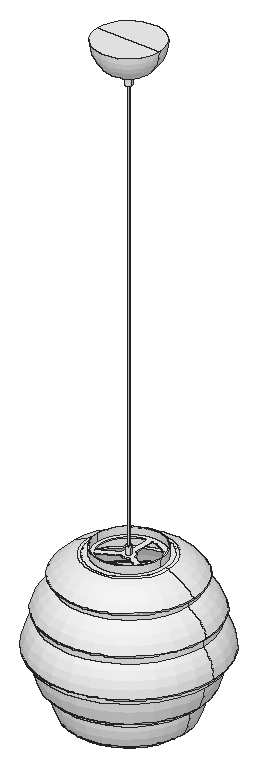
Revit family "Artek_Lighting_Pendant Light A331 “Beehive“_A331 Beehive_quick_ship", category Lighting Fixtures, Revit 2018 (continued)
Definition of nested family "A331"
  Lines and regions (mm)
    symbolic lines, detail levels fine
      curve 256: spline (59.12, 0, 235.603) -> (58.787, 0, 235.806) -> (58.477, 0, 236.403) -> (58.21, 0, 237.352) -> (58.006, 0, 238.589) -> (57.878, 0, 240.03) -> (57.834, 0, 241.576) -> (57.878, 0, 243.121) -> (58.006, 0, 244.562) -> (58.21, 0, 245.799) -> (58.477, 0, 246.748) -> (58.787, 0, 247.345) -> (59.12, 0, 247.548) -> (59.452, 0, 247.345) -> (59.763, 0, 246.748) -> (60.029, 0, 245.799) -> (60.233, 0, 244.562) -> (60.362, 0, 243.121) -> (60.405, 0, 241.576) -> (60.362, 0, 240.03) -> (60.233, 0, 238.589) -> (60.029, 0, 237.352) -> (59.763, 0, 236.403) -> (59.452, 0, 235.806) -> (59.12, 0, 235.603)
      curve 257: spline (55.048, 0, 235.603) -> (54.715, 0, 235.806) -> (54.405, 0, 236.403) -> (54.139, 0, 237.352) -> (53.935, 0, 238.589) -> (53.806, 0, 240.03) -> (53.762, 0, 241.576) -> (53.806, 0, 243.121) -> (53.935, 0, 244.562) -> (54.139, 0, 245.799) -> (54.405, 0, 246.748) -> (54.715, 0, 247.345) -> (55.048, 0, 247.548) -> (55.381, 0, 247.345) -> (55.691, 0, 246.748) -> (55.957, 0, 245.799) -> (56.162, 0, 244.562) -> (56.29, 0, 243.121) -> (56.334, 0, 241.576) -> (56.29, 0, 240.03) -> (56.162, 0, 238.589) -> (55.957, 0, 237.352) -> (55.691, 0, 236.403) -> (55.381, 0, 235.806) -> (55.048, 0, 235.603)
      curve 258: spline (50.977, 0, 235.603) -> (50.644, 0, 235.806) -> (50.334, 0, 236.403) -> (50.067, 0, 237.352) -> (49.863, 0, 238.589) -> (49.735, 0, 240.03) -> (49.691, 0, 241.576) -> (49.735, 0, 243.121) -> (49.863, 0, 244.562) -> (50.067, 0, 245.799) -> (50.334, 0, 246.748) -> (50.644, 0, 247.345) -> (50.977, 0, 247.548) -> (51.309, 0, 247.345) -> (51.619, 0, 246.748) -> (51.886, 0, 245.799) -> (52.09, 0, 244.562) -> (52.219, 0, 243.121) -> (52.262, 0, 241.576) -> (52.219, 0, 240.03) -> (52.09, 0, 238.589) -> (51.886, 0, 237.352) -> (51.619, 0, 236.403) -> (51.309, 0, 235.806) -> (50.977, 0, 235.603)
      curve 259: spline (46.905, 0, 235.603) -> (46.572, 0, 235.806) -> (46.262, 0, 236.403) -> (45.996, 0, 237.352) -> (45.791, 0, 238.589) -> (45.663, 0, 240.03) -> (45.619, 0, 241.576) -> (45.663, 0, 243.121) -> (45.791, 0, 244.562) -> (45.996, 0, 245.799) -> (46.262, 0, 246.748) -> (46.572, 0, 247.345) -> (46.905, 0, 247.548) -> (47.238, 0, 247.345) -> (47.548, 0, 246.748) -> (47.814, 0, 245.799) -> (48.019, 0, 244.562) -> (48.147, 0, 243.121) -> (48.191, 0, 241.576) -> (48.147, 0, 240.03) -> (48.019, 0, 238.589) -> (47.814, 0, 237.352) -> (47.548, 0, 236.403) -> (47.238, 0, 235.806) -> (46.905, 0, 235.603)
      curve 260: spline (42.833, 0, 235.603) -> (42.501, 0, 235.806) -> (42.191, 0, 236.403) -> (41.924, 0, 237.352) -> (41.72, 0, 238.589) -> (41.591, 0, 240.03) -> (41.548, 0, 241.576) -> (41.591, 0, 243.121) -> (41.72, 0, 244.562) -> (41.924, 0, 245.799) -> (42.191, 0, 246.748) -> (42.501, 0, 247.345) -> (42.833, 0, 247.548) -> (43.166, 0, 247.345) -> (43.476, 0, 246.748) -> (43.743, 0, 245.799) -> (43.947, 0, 244.562) -> (44.075, 0, 243.121) -> (44.119, 0, 241.576) -> (44.075, 0, 240.03) -> (43.947, 0, 238.589) -> (43.743, 0, 237.352) -> (43.476, 0, 236.403) -> (43.166, 0, 235.806) -> (42.833, 0, 235.603)
      curve 261: spline (38.762, 0, 235.603) -> (38.429, 0, 235.806) -> (38.119, 0, 236.403) -> (37.853, 0, 237.352) -> (37.648, 0, 238.589) -> (37.52, 0, 240.03) -> (37.476, 0, 241.576) -> (37.52, 0, 243.121) -> (37.648, 0, 244.562) -> (37.853, 0, 245.799) -> (38.119, 0, 246.748) -> (38.429, 0, 247.345) -> (38.762, 0, 247.548) -> (39.095, 0, 247.345) -> (39.405, 0, 246.748) -> (39.671, 0, 245.799) -> (39.875, 0, 244.562) -> (40.004, 0, 243.121) -> (40.048, 0, 241.576) -> (40.004, 0, 240.03) -> (39.875, 0, 238.589) -> (39.671, 0, 237.352) -> (39.405, 0, 236.403) -> (39.095, 0, 235.806) -> (38.762, 0, 235.603)
      curve 262: spline (34.69, 0, 235.603) -> (34.358, 0, 235.806) -> (34.047, 0, 236.403) -> (33.781, 0, 237.352) -> (33.577, 0, 238.589) -> (33.448, 0, 240.03) -> (33.405, 0, 241.576) -> (33.448, 0, 243.121) -> (33.577, 0, 244.562) -> (33.781, 0, 245.799) -> (34.047, 0, 246.748) -> (34.358, 0, 247.345) -> (34.69, 0, 247.548) -> (35.023, 0, 247.345) -> (35.333, 0, 246.748) -> (35.599, 0, 245.799) -> (35.804, 0, 244.562) -> (35.932, 0, 243.121) -> (35.976, 0, 241.576) -> (35.932, 0, 240.03) -> (35.804, 0, 238.589) -> (35.599, 0, 237.352) -> (35.333, 0, 236.403) -> (35.023, 0, 235.806) -> (34.69, 0, 235.603)
      curve 263: spline (30.619, 0, 235.603) -> (30.286, 0, 235.806) -> (29.976, 0, 236.403) -> (29.71, 0, 237.352) -> (29.505, 0, 238.589) -> (29.377, 0, 240.03) -> (29.333, 0, 241.576) -> (29.377, 0, 243.121) -> (29.505, 0, 244.562) -> (29.71, 0, 245.799) -> (29.976, 0, 246.748) -> (30.286, 0, 247.345) -> (30.619, 0, 247.548) -> (30.952, 0, 247.345) -> (31.262, 0, 246.748) -> (31.528, 0, 245.799) -> (31.732, 0, 244.562) -> (31.861, 0, 243.121) -> (31.905, 0, 241.576) -> (31.861, 0, 240.03) -> (31.732, 0, 238.589) -> (31.528, 0, 237.352) -> (31.262, 0, 236.403) -> (30.952, 0, 235.806) -> (30.619, 0, 235.603)
      curve 264: spline (26.547, 0, 235.603) -> (26.214, 0, 235.806) -> (25.904, 0, 236.403) -> (25.638, 0, 237.352) -> (25.434, 0, 238.589) -> (25.305, 0, 240.03) -> (25.261, 0, 241.576) -> (25.305, 0, 243.121) -> (25.434, 0, 244.562) -> (25.638, 0, 245.799) -> (25.904, 0, 246.748) -> (26.214, 0, 247.345) -> (26.547, 0, 247.548) -> (26.88, 0, 247.345) -> (27.19, 0, 246.748) -> (27.456, 0, 245.799) -> (27.661, 0, 244.562) -> (27.789, 0, 243.121) -> (27.833, 0, 241.576) -> (27.789, 0, 240.03) -> (27.661, 0, 238.589) -> (27.456, 0, 237.352) -> (27.19, 0, 236.403) -> (26.88, 0, 235.806) -> (26.547, 0, 235.603)
      curve 265: spline (22.476, 0, 235.603) -> (22.143, 0, 235.806) -> (21.833, 0, 236.403) -> (21.566, 0, 237.352) -> (21.362, 0, 238.589) -> (21.234, 0, 240.03) -> (21.19, 0, 241.576) -> (21.234, 0, 243.121) -> (21.362, 0, 244.562) -> (21.566, 0, 245.799) -> (21.833, 0, 246.748) -> (22.143, 0, 247.345) -> (22.476, 0, 247.548) -> (22.808, 0, 247.345) -> (23.119, 0, 246.748) -> (23.385, 0, 245.799) -> (23.589, 0, 244.562) -> (23.718, 0, 243.121) -> (23.761, 0, 241.576) -> (23.718, 0, 240.03) -> (23.589, 0, 238.589) -> (23.385, 0, 237.352) -> (23.119, 0, 236.403) -> (22.808, 0, 235.806) -> (22.476, 0, 235.603)
      curve 266: spline (18.404, 0, 235.603) -> (18.071, 0, 235.806) -> (17.761, 0, 236.403) -> (17.495, 0, 237.352) -> (17.291, 0, 238.589) -> (17.162, 0, 240.03) -> (17.118, 0, 241.576) -> (17.162, 0, 243.121) -> (17.291, 0, 244.562) -> (17.495, 0, 245.799) -> (17.761, 0, 246.748) -> (18.071, 0, 247.345) -> (18.404, 0, 247.548) -> (18.737, 0, 247.345) -> (19.047, 0, 246.748) -> (19.313, 0, 245.799) -> (19.518, 0, 244.562) -> (19.646, 0, 243.121) -> (19.69, 0, 241.576) -> (19.646, 0, 240.03) -> (19.518, 0, 238.589) -> (19.313, 0, 237.352) -> (19.047, 0, 236.403) -> (18.737, 0, 235.806) -> (18.404, 0, 235.603)
      curve 267: spline (14.333, 0, 235.603) -> (14, 0, 235.806) -> (13.69, 0, 236.403) -> (13.423, 0, 237.352) -> (13.219, 0, 238.589) -> (13.091, 0, 240.03) -> (13.047, 0, 241.576) -> (13.091, 0, 243.121) -> (13.219, 0, 244.562) -> (13.423, 0, 245.799) -> (13.69, 0, 246.748) -> (14, 0, 247.345) -> (14.333, 0, 247.548) -> (14.665, 0, 247.345) -> (14.975, 0, 246.748) -> (15.242, 0, 245.799) -> (15.446, 0, 244.562) -> (15.574, 0, 243.121) -> (15.618, 0, 241.576) -> (15.574, 0, 240.03) -> (15.446, 0, 238.589) -> (15.242, 0, 237.352) -> (14.975, 0, 236.403) -> (14.665, 0, 235.806) -> (14.333, 0, 235.603)
      curve 268: spline (10.261, 0, 235.603) -> (9.928, 0, 235.806) -> (9.618, 0, 236.403) -> (9.352, 0, 237.352) -> (9.147, 0, 238.589) -> (9.019, 0, 240.03) -> (8.975, 0, 241.576) -> (9.019, 0, 243.121) -> (9.147, 0, 244.562) -> (9.352, 0, 245.799) -> (9.618, 0, 246.748) -> (9.928, 0, 247.345) -> (10.261, 0, 247.548) -> (10.594, 0, 247.345) -> (10.904, 0, 246.748) -> (11.17, 0, 245.799) -> (11.374, 0, 244.562) -> (11.503, 0, 243.121) -> (11.547, 0, 241.576) -> (11.503, 0, 240.03) -> (11.374, 0, 238.589) -> (11.17, 0, 237.352) -> (10.904, 0, 236.403) -> (10.594, 0, 235.806) -> (10.261, 0, 235.603)
      curve 269: spline (6.189, 0, 235.603) -> (5.857, 0, 235.806) -> (5.547, 0, 236.403) -> (5.28, 0, 237.352) -> (5.076, 0, 238.589) -> (4.947, 0, 240.03) -> (4.904, 0, 241.576) -> (4.947, 0, 243.121) -> (5.076, 0, 244.562) -> (5.28, 0, 245.799) -> (5.547, 0, 246.748) -> (5.857, 0, 247.345) -> (6.189, 0, 247.548) -> (6.522, 0, 247.345) -> (6.832, 0, 246.748) -> (7.099, 0, 245.799) -> (7.303, 0, 244.562) -> (7.431, 0, 243.121) -> (7.475, 0, 241.576) -> (7.431, 0, 240.03) -> (7.303, 0, 238.589) -> (7.099, 0, 237.352) -> (6.832, 0, 236.403) -> (6.522, 0, 235.806) -> (6.189, 0, 235.603)
      curve 270: spline (2.118, 0, 235.603) -> (1.785, 0, 235.806) -> (1.475, 0, 236.403) -> (1.209, 0, 237.352) -> (1.004, 0, 238.589) -> (0.876, 0, 240.03) -> (0.832, 0, 241.576) -> (0.876, 0, 243.121) -> (1.004, 0, 244.562) -> (1.209, 0, 245.799) -> (1.475, 0, 246.748) -> (1.785, 0, 247.345) -> (2.118, 0, 247.548) -> (2.451, 0, 247.345) -> (2.761, 0, 246.748) -> (3.027, 0, 245.799) -> (3.231, 0, 244.562) -> (3.36, 0, 243.121) -> (3.404, 0, 241.576) -> (3.36, 0, 240.03) -> (3.231, 0, 238.589) -> (3.027, 0, 237.352) -> (2.761, 0, 236.403) -> (2.451, 0, 235.806) -> (2.118, 0, 235.603)
      curve 271: spline (-140.5, 0, 175.573) -> (-140.167, 0, 175.776) -> (-139.857, 0, 176.373) -> (-139.591, 0, 177.322) -> (-139.387, 0, 178.559) -> (-139.258, 0, 179.999) -> (-139.214, 0, 181.545) -> (-139.258, 0, 183.091) -> (-139.387, 0, 184.532) -> (-139.591, 0, 185.769) -> (-139.857, 0, 186.718) -> (-140.167, 0, 187.314) -> (-140.5, 0, 187.518) -> (-140.833, 0, 187.314) -> (-141.143, 0, 186.718) -> (-141.409, 0, 185.769) -> (-141.614, 0, 184.532) -> (-141.742, 0, 183.091) -> (-141.786, 0, 181.545) -> (-141.742, 0, 179.999) -> (-141.614, 0, 178.559) -> (-141.409, 0, 177.322) -> (-141.143, 0, 176.373) -> (-140.833, 0, 175.776) -> (-140.5, 0, 175.573)
      curve 272: spline (-136.429, 0, 175.573) -> (-136.096, 0, 175.776) -> (-135.786, 0, 176.373) -> (-135.519, 0, 177.322) -> (-135.315, 0, 178.559) -> (-135.187, 0, 179.999) -> (-135.143, 0, 181.545) -> (-135.187, 0, 183.091) -> (-135.315, 0, 184.532) -> (-135.519, 0, 185.769) -> (-135.786, 0, 186.718) -> (-136.096, 0, 187.314) -> (-136.429, 0, 187.518) -> (-136.761, 0, 187.314) -> (-137.071, 0, 186.718) -> (-137.338, 0, 185.769) -> (-137.542, 0, 184.532) -> (-137.67, 0, 183.091) -> (-137.714, 0, 181.545) -> (-137.67, 0, 179.999) -> (-137.542, 0, 178.559) -> (-137.338, 0, 177.322) -> (-137.071, 0, 176.373) -> (-136.761, 0, 175.776) -> (-136.429, 0, 175.573)
      curve 273: spline (-132.357, 0, 175.573) -> (-132.024, 0, 175.776) -> (-131.714, 0, 176.373) -> (-131.448, 0, 177.322) -> (-131.243, 0, 178.559) -> (-131.115, 0, 179.999) -> (-131.071, 0, 181.545) -> (-131.115, 0, 183.091) -> (-131.243, 0, 184.532) -> (-131.448, 0, 185.769) -> (-131.714, 0, 186.718) -> (-132.024, 0, 187.314) -> (-132.357, 0, 187.518) -> (-132.69, 0, 187.314) -> (-133, 0, 186.718) -> (-133.266, 0, 185.769) -> (-133.47, 0, 184.532) -> (-133.599, 0, 183.091) -> (-133.643, 0, 181.545) -> (-133.599, 0, 179.999) -> (-133.47, 0, 178.559) -> (-133.266, 0, 177.322) -> (-133, 0, 176.373) -> (-132.69, 0, 175.776) -> (-132.357, 0, 175.573)
      curve 274: spline (-128.285, 0, 175.573) -> (-127.953, 0, 175.776) -> (-127.643, 0, 176.373) -> (-127.376, 0, 177.322) -> (-127.172, 0, 178.559) -> (-127.043, 0, 179.999) -> (-127, 0, 181.545) -> (-127.043, 0, 183.091) -> (-127.172, 0, 184.532) -> (-127.376, 0, 185.769) -> (-127.643, 0, 186.718) -> (-127.953, 0, 187.314) -> (-128.285, 0, 187.518) -> (-128.618, 0, 187.314) -> (-128.928, 0, 186.718) -> (-129.195, 0, 185.769) -> (-129.399, 0, 184.532) -> (-129.527, 0, 183.091) -> (-129.571, 0, 181.545) -> (-129.527, 0, 179.999) -> (-129.399, 0, 178.559) -> (-129.195, 0, 177.322) -> (-128.928, 0, 176.373) -> (-128.618, 0, 175.776) -> (-128.285, 0, 175.573)
      curve 275: spline (-124.214, 0, 175.573) -> (-123.881, 0, 175.776) -> (-123.571, 0, 176.373) -> (-123.305, 0, 177.322) -> (-123.1, 0, 178.559) -> (-122.972, 0, 179.999) -> (-122.928, 0, 181.545) -> (-122.972, 0, 183.091) -> (-123.1, 0, 184.532) -> (-123.305, 0, 185.769) -> (-123.571, 0, 186.718) -> (-123.881, 0, 187.314) -> (-124.214, 0, 187.518) -> (-124.547, 0, 187.314) -> (-124.857, 0, 186.718) -> (-125.123, 0, 185.769) -> (-125.327, 0, 184.532) -> (-125.456, 0, 183.091) -> (-125.5, 0, 181.545) -> (-125.456, 0, 179.999) -> (-125.327, 0, 178.559) -> (-125.123, 0, 177.322) -> (-124.857, 0, 176.373) -> (-124.547, 0, 175.776) -> (-124.214, 0, 175.573)
      curve 276: spline (-120.142, 0, 175.573) -> (-119.81, 0, 175.776) -> (-119.499, 0, 176.373) -> (-119.233, 0, 177.322) -> (-119.029, 0, 178.559) -> (-118.9, 0, 179.999) -> (-118.857, 0, 181.545) -> (-118.9, 0, 183.091) -> (-119.029, 0, 184.532) -> (-119.233, 0, 185.769) -> (-119.499, 0, 186.718) -> (-119.81, 0, 187.314) -> (-120.142, 0, 187.518) -> (-120.475, 0, 187.314) -> (-120.785, 0, 186.718) -> (-121.051, 0, 185.769) -> (-121.256, 0, 184.532) -> (-121.384, 0, 183.091) -> (-121.428, 0, 181.545) -> (-121.384, 0, 179.999) -> (-121.256, 0, 178.559) -> (-121.051, 0, 177.322) -> (-120.785, 0, 176.373) -> (-120.475, 0, 175.776) -> (-120.142, 0, 175.573)
      curve 277: spline (-116.071, 0, 175.573) -> (-115.738, 0, 175.776) -> (-115.428, 0, 176.373) -> (-115.162, 0, 177.322) -> (-114.957, 0, 178.559) -> (-114.829, 0, 179.999) -> (-114.785, 0, 181.545) -> (-114.829, 0, 183.091) -> (-114.957, 0, 184.532) -> (-115.162, 0, 185.769) -> (-115.428, 0, 186.718) -> (-115.738, 0, 187.314) -> (-116.071, 0, 187.518) -> (-116.404, 0, 187.314) -> (-116.714, 0, 186.718) -> (-116.98, 0, 185.769) -> (-117.184, 0, 184.532) -> (-117.313, 0, 183.091) -> (-117.357, 0, 181.545) -> (-117.313, 0, 179.999) -> (-117.184, 0, 178.559) -> (-116.98, 0, 177.322) -> (-116.714, 0, 176.373) -> (-116.404, 0, 175.776) -> (-116.071, 0, 175.573)
      curve 278: spline (-111.999, 0, 175.573) -> (-111.666, 0, 175.776) -> (-111.356, 0, 176.373) -> (-111.09, 0, 177.322) -> (-110.886, 0, 178.559) -> (-110.757, 0, 179.999) -> (-110.713, 0, 181.545) -> (-110.757, 0, 183.091) -> (-110.886, 0, 184.532) -> (-111.09, 0, 185.769) -> (-111.356, 0, 186.718) -> (-111.666, 0, 187.314) -> (-111.999, 0, 187.518) -> (-112.332, 0, 187.314) -> (-112.642, 0, 186.718) -> (-112.908, 0, 185.769) -> (-113.113, 0, 184.532) -> (-113.241, 0, 183.091) -> (-113.285, 0, 181.545) -> (-113.241, 0, 179.999) -> (-113.113, 0, 178.559) -> (-112.908, 0, 177.322) -> (-112.642, 0, 176.373) -> (-112.332, 0, 175.776) -> (-111.999, 0, 175.573)
      curve 279: spline (-107.928, 0, 175.573) -> (-107.595, 0, 175.776) -> (-107.285, 0, 176.373) -> (-107.018, 0, 177.322) -> (-106.814, 0, 178.559) -> (-106.686, 0, 179.999) -> (-106.642, 0, 181.545) -> (-106.686, 0, 183.091) -> (-106.814, 0, 184.532) -> (-107.018, 0, 185.769) -> (-107.285, 0, 186.718) -> (-107.595, 0, 187.314) -> (-107.928, 0, 187.518) -> (-108.26, 0, 187.314) -> (-108.57, 0, 186.718) -> (-108.837, 0, 185.769) -> (-109.041, 0, 184.532) -> (-109.17, 0, 183.091) -> (-109.213, 0, 181.545) -> (-109.17, 0, 179.999) -> (-109.041, 0, 178.559) -> (-108.837, 0, 177.322) -> (-108.57, 0, 176.373) -> (-108.26, 0, 175.776) -> (-107.928, 0, 175.573)
      curve 280: spline (-103.856, 0, 175.573) -> (-103.523, 0, 175.776) -> (-103.213, 0, 176.373) -> (-102.947, 0, 177.322) -> (-102.743, 0, 178.559) -> (-102.614, 0, 179.999) -> (-102.57, 0, 181.545) -> (-102.614, 0, 183.091) -> (-102.743, 0, 184.532) -> (-102.947, 0, 185.769) -> (-103.213, 0, 186.718) -> (-103.523, 0, 187.314) -> (-103.856, 0, 187.518) -> (-104.189, 0, 187.314) -> (-104.499, 0, 186.718) -> (-104.765, 0, 185.769) -> (-104.97, 0, 184.532) -> (-105.098, 0, 183.091) -> (-105.142, 0, 181.545) -> (-105.098, 0, 179.999) -> (-104.97, 0, 178.559) -> (-104.765, 0, 177.322) -> (-104.499, 0, 176.373) -> (-104.189, 0, 175.776) -> (-103.856, 0, 175.573)
      curve 281: spline (-99.784, 0, 175.573) -> (-99.452, 0, 175.776) -> (-99.142, 0, 176.373) -> (-98.875, 0, 177.322) -> (-98.671, 0, 178.559) -> (-98.543, 0, 179.999) -> (-98.499, 0, 181.545) -> (-98.543, 0, 183.091) -> (-98.671, 0, 184.532) -> (-98.875, 0, 185.769) -> (-99.142, 0, 186.718) -> (-99.452, 0, 187.314) -> (-99.784, 0, 187.518) -> (-100.117, 0, 187.314) -> (-100.427, 0, 186.718) -> (-100.694, 0, 185.769) -> (-100.898, 0, 184.532) -> (-101.026, 0, 183.091) -> (-101.07, 0, 181.545) -> (-101.026, 0, 179.999) -> (-100.898, 0, 178.559) -> (-100.694, 0, 177.322) -> (-100.427, 0, 176.373) -> (-100.117, 0, 175.776) -> (-99.784, 0, 175.573)
      curve 282: spline (-95.713, 0, 175.573) -> (-95.38, 0, 175.776) -> (-95.07, 0, 176.373) -> (-94.804, 0, 177.322) -> (-94.599, 0, 178.559) -> (-94.471, 0, 179.999) -> (-94.427, 0, 181.545) -> (-94.471, 0, 183.091) -> (-94.599, 0, 184.532) -> (-94.804, 0, 185.769) -> (-95.07, 0, 186.718) -> (-95.38, 0, 187.314) -> (-95.713, 0, 187.518) -> (-96.046, 0, 187.314) -> (-96.356, 0, 186.718) -> (-96.622, 0, 185.769) -> (-96.826, 0, 184.532) -> (-96.955, 0, 183.091) -> (-96.999, 0, 181.545) -> (-96.955, 0, 179.999) -> (-96.826, 0, 178.559) -> (-96.622, 0, 177.322) -> (-96.356, 0, 176.373) -> (-96.046, 0, 175.776) -> (-95.713, 0, 175.573)
      curve 283: spline (-91.641, 0, 175.573) -> (-91.309, 0, 175.776) -> (-90.998, 0, 176.373) -> (-90.732, 0, 177.322) -> (-90.528, 0, 178.559) -> (-90.399, 0, 179.999) -> (-90.356, 0, 181.545) -> (-90.399, 0, 183.091) -> (-90.528, 0, 184.532) -> (-90.732, 0, 185.769) -> (-90.998, 0, 186.718) -> (-91.309, 0, 187.314) -> (-91.641, 0, 187.518) -> (-91.974, 0, 187.314) -> (-92.284, 0, 186.718) -> (-92.551, 0, 185.769) -> (-92.755, 0, 184.532) -> (-92.883, 0, 183.091) -> (-92.927, 0, 181.545) -> (-92.883, 0, 179.999) -> (-92.755, 0, 178.559) -> (-92.551, 0, 177.322) -> (-92.284, 0, 176.373) -> (-91.974, 0, 175.776) -> (-91.641, 0, 175.573)
      curve 284: spline (-87.57, 0, 175.573) -> (-87.237, 0, 175.776) -> (-86.927, 0, 176.373) -> (-86.661, 0, 177.322) -> (-86.456, 0, 178.559) -> (-86.328, 0, 179.999) -> (-86.284, 0, 181.545) -> (-86.328, 0, 183.091) -> (-86.456, 0, 184.532) -> (-86.661, 0, 185.769) -> (-86.927, 0, 186.718) -> (-87.237, 0, 187.314) -> (-87.57, 0, 187.518) -> (-87.903, 0, 187.314) -> (-88.213, 0, 186.718) -> (-88.479, 0, 185.769) -> (-88.683, 0, 184.532) -> (-88.812, 0, 183.091) -> (-88.856, 0, 181.545) -> (-88.812, 0, 179.999) -> (-88.683, 0, 178.559) -> (-88.479, 0, 177.322) -> (-88.213, 0, 176.373) -> (-87.903, 0, 175.776) -> (-87.57, 0, 175.573)
      curve 285: spline (-83.498, 0, 175.573) -> (-83.165, 0, 175.776) -> (-82.855, 0, 176.373) -> (-82.589, 0, 177.322) -> (-82.385, 0, 178.559) -> (-82.256, 0, 179.999) -> (-82.212, 0, 181.545) -> (-82.256, 0, 183.091) -> (-82.385, 0, 184.532) -> (-82.589, 0, 185.769) -> (-82.855, 0, 186.718) -> (-83.165, 0, 187.314) -> (-83.498, 0, 187.518) -> (-83.831, 0, 187.314) -> (-84.141, 0, 186.718) -> (-84.407, 0, 185.769) -> (-84.612, 0, 184.532) -> (-84.74, 0, 183.091) -> (-84.784, 0, 181.545) -> (-84.74, 0, 179.999) -> (-84.612, 0, 178.559) -> (-84.407, 0, 177.322) -> (-84.141, 0, 176.373) -> (-83.831, 0, 175.776) -> (-83.498, 0, 175.573)
      curve 286: spline (-79.427, 0, 175.573) -> (-79.094, 0, 175.776) -> (-78.784, 0, 176.373) -> (-78.518, 0, 177.322) -> (-78.313, 0, 178.559) -> (-78.185, 0, 179.999) -> (-78.141, 0, 181.545) -> (-78.185, 0, 183.091) -> (-78.313, 0, 184.532) -> (-78.518, 0, 185.769) -> (-78.784, 0, 186.718) -> (-79.094, 0, 187.314) -> (-79.427, 0, 187.518) -> (-79.759, 0, 187.314) -> (-80.07, 0, 186.718) -> (-80.336, 0, 185.769) -> (-80.54, 0, 184.532) -> (-80.669, 0, 183.091) -> (-80.712, 0, 181.545) -> (-80.669, 0, 179.999) -> (-80.54, 0, 178.559) -> (-80.336, 0, 177.322) -> (-80.07, 0, 176.373) -> (-79.759, 0, 175.776) -> (-79.427, 0, 175.573)
      curve 287: spline (-75.355, 0, 175.573) -> (-75.022, 0, 175.776) -> (-74.712, 0, 176.373) -> (-74.446, 0, 177.322) -> (-74.242, 0, 178.559) -> (-74.113, 0, 179.999) -> (-74.069, 0, 181.545) -> (-74.113, 0, 183.091) -> (-74.242, 0, 184.532) -> (-74.446, 0, 185.769) -> (-74.712, 0, 186.718) -> (-75.022, 0, 187.314) -> (-75.355, 0, 187.518) -> (-75.688, 0, 187.314) -> (-75.998, 0, 186.718) -> (-76.264, 0, 185.769) -> (-76.469, 0, 184.532) -> (-76.597, 0, 183.091) -> (-76.641, 0, 181.545) -> (-76.597, 0, 179.999) -> (-76.469, 0, 178.559) -> (-76.264, 0, 177.322) -> (-75.998, 0, 176.373) -> (-75.688, 0, 175.776) -> (-75.355, 0, 175.573)
      curve 288: spline (-71.284, 0, 175.573) -> (-70.951, 0, 175.776) -> (-70.641, 0, 176.373) -> (-70.374, 0, 177.322) -> (-70.17, 0, 178.559) -> (-70.042, 0, 179.999) -> (-69.998, 0, 181.545) -> (-70.042, 0, 183.091) -> (-70.17, 0, 184.532) -> (-70.374, 0, 185.769) -> (-70.641, 0, 186.718) -> (-70.951, 0, 187.314) -> (-71.284, 0, 187.518) -> (-71.616, 0, 187.314) -> (-71.926, 0, 186.718) -> (-72.193, 0, 185.769) -> (-72.397, 0, 184.532) -> (-72.526, 0, 183.091) -> (-72.569, 0, 181.545) -> (-72.526, 0, 179.999) -> (-72.397, 0, 178.559) -> (-72.193, 0, 177.322) -> (-71.926, 0, 176.373) -> (-71.616, 0, 175.776) -> (-71.284, 0, 175.573)
      curve 289: spline (-67.212, 0, 175.573) -> (-66.879, 0, 175.776) -> (-66.569, 0, 176.373) -> (-66.303, 0, 177.322) -> (-66.099, 0, 178.559) -> (-65.97, 0, 179.999) -> (-65.926, 0, 181.545) -> (-65.97, 0, 183.091) -> (-66.099, 0, 184.532) -> (-66.303, 0, 185.769) -> (-66.569, 0, 186.718) -> (-66.879, 0, 187.314) -> (-67.212, 0, 187.518) -> (-67.545, 0, 187.314) -> (-67.855, 0, 186.718) -> (-68.121, 0, 185.769) -> (-68.326, 0, 184.532) -> (-68.454, 0, 183.091) -> (-68.498, 0, 181.545) -> (-68.454, 0, 179.999) -> (-68.326, 0, 178.559) -> (-68.121, 0, 177.322) -> (-67.855, 0, 176.373) -> (-67.545, 0, 175.776) -> (-67.212, 0, 175.573)
      curve 290: spline (-63.14, 0, 175.573) -> (-62.808, 0, 175.776) -> (-62.498, 0, 176.373) -> (-62.231, 0, 177.322) -> (-62.027, 0, 178.559) -> (-61.898, 0, 179.999) -> (-61.855, 0, 181.545) -> (-61.898, 0, 183.091) -> (-62.027, 0, 184.532) -> (-62.231, 0, 185.769) -> (-62.498, 0, 186.718) -> (-62.808, 0, 187.314) -> (-63.14, 0, 187.518) -> (-63.473, 0, 187.314) -> (-63.783, 0, 186.718) -> (-64.05, 0, 185.769) -> (-64.254, 0, 184.532) -> (-64.382, 0, 183.091) -> (-64.426, 0, 181.545) -> (-64.382, 0, 179.999) -> (-64.254, 0, 178.559) -> (-64.05, 0, 177.322) -> (-63.783, 0, 176.373) -> (-63.473, 0, 175.776) -> (-63.14, 0, 175.573)
      curve 291: spline (-59.069, 0, 175.573) -> (-58.736, 0, 175.776) -> (-58.426, 0, 176.373) -> (-58.16, 0, 177.322) -> (-57.955, 0, 178.559) -> (-57.827, 0, 179.999) -> (-57.783, 0, 181.545) -> (-57.827, 0, 183.091) -> (-57.955, 0, 184.532) -> (-58.16, 0, 185.769) -> (-58.426, 0, 186.718) -> (-58.736, 0, 187.314) -> (-59.069, 0, 187.518) -> (-59.402, 0, 187.314) -> (-59.712, 0, 186.718) -> (-59.978, 0, 185.769) -> (-60.182, 0, 184.532) -> (-60.311, 0, 183.091) -> (-60.355, 0, 181.545) -> (-60.311, 0, 179.999) -> (-60.182, 0, 178.559) -> (-59.978, 0, 177.322) -> (-59.712, 0, 176.373) -> (-59.402, 0, 175.776) -> (-59.069, 0, 175.573)
      curve 292: spline (-54.997, 0, 175.573) -> (-54.665, 0, 175.776) -> (-54.354, 0, 176.373) -> (-54.088, 0, 177.322) -> (-53.884, 0, 178.559) -> (-53.755, 0, 179.999) -> (-53.712, 0, 181.545) -> (-53.755, 0, 183.091) -> (-53.884, 0, 184.532) -> (-54.088, 0, 185.769) -> (-54.354, 0, 186.718) -> (-54.665, 0, 187.314) -> (-54.997, 0, 187.518) -> (-55.33, 0, 187.314) -> (-55.64, 0, 186.718) -> (-55.907, 0, 185.769) -> (-56.111, 0, 184.532) -> (-56.239, 0, 183.091) -> (-56.283, 0, 181.545) -> (-56.239, 0, 179.999) -> (-56.111, 0, 178.559) -> (-55.907, 0, 177.322) -> (-55.64, 0, 176.373) -> (-55.33, 0, 175.776) -> (-54.997, 0, 175.573)
      curve 293: spline (-50.926, 0, 175.573) -> (-50.593, 0, 175.776) -> (-50.283, 0, 176.373) -> (-50.017, 0, 177.322) -> (-49.812, 0, 178.559) -> (-49.684, 0, 179.999) -> (-49.64, 0, 181.545) -> (-49.684, 0, 183.091) -> (-49.812, 0, 184.532) -> (-50.017, 0, 185.769) -> (-50.283, 0, 186.718) -> (-50.593, 0, 187.314) -> (-50.926, 0, 187.518) -> (-51.259, 0, 187.314) -> (-51.569, 0, 186.718) -> (-51.835, 0, 185.769) -> (-52.039, 0, 184.532) -> (-52.168, 0, 183.091) -> (-52.212, 0, 181.545) -> (-52.168, 0, 179.999) -> (-52.039, 0, 178.559) -> (-51.835, 0, 177.322) -> (-51.569, 0, 176.373) -> (-51.259, 0, 175.776) -> (-50.926, 0, 175.573)
      curve 294: spline (-46.854, 0, 175.573) -> (-46.521, 0, 175.776) -> (-46.211, 0, 176.373) -> (-45.945, 0, 177.322) -> (-45.741, 0, 178.559) -> (-45.612, 0, 179.999) -> (-45.568, 0, 181.545) -> (-45.612, 0, 183.091) -> (-45.741, 0, 184.532) -> (-45.945, 0, 185.769) -> (-46.211, 0, 186.718) -> (-46.521, 0, 187.314) -> (-46.854, 0, 187.518) -> (-47.187, 0, 187.314) -> (-47.497, 0, 186.718) -> (-47.763, 0, 185.769) -> (-47.968, 0, 184.532) -> (-48.096, 0, 183.091) -> (-48.14, 0, 181.545) -> (-48.096, 0, 179.999) -> (-47.968, 0, 178.559) -> (-47.763, 0, 177.322) -> (-47.497, 0, 176.373) -> (-47.187, 0, 175.776) -> (-46.854, 0, 175.573)
      curve 295: spline (-42.783, 0, 175.573) -> (-42.45, 0, 175.776) -> (-42.14, 0, 176.373) -> (-41.873, 0, 177.322) -> (-41.669, 0, 178.559) -> (-41.541, 0, 179.999) -> (-41.497, 0, 181.545) -> (-41.541, 0, 183.091) -> (-41.669, 0, 184.532) -> (-41.873, 0, 185.769) -> (-42.14, 0, 186.718) -> (-42.45, 0, 187.314) -> (-42.783, 0, 187.518) -> (-43.115, 0, 187.314) -> (-43.426, 0, 186.718) -> (-43.692, 0, 185.769) -> (-43.896, 0, 184.532) -> (-44.025, 0, 183.091) -> (-44.068, 0, 181.545) -> (-44.025, 0, 179.999) -> (-43.896, 0, 178.559) -> (-43.692, 0, 177.322) -> (-43.426, 0, 176.373) -> (-43.115, 0, 175.776) -> (-42.783, 0, 175.573)
      curve 296: spline (-38.711, 0, 175.573) -> (-38.378, 0, 175.776) -> (-38.068, 0, 176.373) -> (-37.802, 0, 177.322) -> (-37.598, 0, 178.559) -> (-37.469, 0, 179.999) -> (-37.425, 0, 181.545) -> (-37.469, 0, 183.091) -> (-37.598, 0, 184.532) -> (-37.802, 0, 185.769) -> (-38.068, 0, 186.718) -> (-38.378, 0, 187.314) -> (-38.711, 0, 187.518) -> (-39.044, 0, 187.314) -> (-39.354, 0, 186.718) -> (-39.62, 0, 185.769) -> (-39.825, 0, 184.532) -> (-39.953, 0, 183.091) -> (-39.997, 0, 181.545) -> (-39.953, 0, 179.999) -> (-39.825, 0, 178.559) -> (-39.62, 0, 177.322) -> (-39.354, 0, 176.373) -> (-39.044, 0, 175.776) -> (-38.711, 0, 175.573)
      curve 297: spline (-34.64, 0, 175.573) -> (-34.307, 0, 175.776) -> (-33.997, 0, 176.373) -> (-33.73, 0, 177.322) -> (-33.526, 0, 178.559) -> (-33.398, 0, 179.999) -> (-33.354, 0, 181.545) -> (-33.398, 0, 183.091) -> (-33.526, 0, 184.532) -> (-33.73, 0, 185.769) -> (-33.997, 0, 186.718) -> (-34.307, 0, 187.314) -> (-34.64, 0, 187.518) -> (-34.972, 0, 187.314) -> (-35.282, 0, 186.718) -> (-35.549, 0, 185.769) -> (-35.753, 0, 184.532) -> (-35.882, 0, 183.091) -> (-35.925, 0, 181.545) -> (-35.882, 0, 179.999) -> (-35.753, 0, 178.559) -> (-35.549, 0, 177.322) -> (-35.282, 0, 176.373) -> (-34.972, 0, 175.776) -> (-34.64, 0, 175.573)
      curve 298: spline (-30.568, 0, 175.573) -> (-30.235, 0, 175.776) -> (-29.925, 0, 176.373) -> (-29.659, 0, 177.322) -> (-29.454, 0, 178.559) -> (-29.326, 0, 179.999) -> (-29.282, 0, 181.545) -> (-29.326, 0, 183.091) -> (-29.454, 0, 184.532) -> (-29.659, 0, 185.769) -> (-29.925, 0, 186.718) -> (-30.235, 0, 187.314) -> (-30.568, 0, 187.518) -> (-30.901, 0, 187.314) -> (-31.211, 0, 186.718) -> (-31.477, 0, 185.769) -> (-31.682, 0, 184.532) -> (-31.81, 0, 183.091) -> (-31.854, 0, 181.545) -> (-31.81, 0, 179.999) -> (-31.682, 0, 178.559) -> (-31.477, 0, 177.322) -> (-31.211, 0, 176.373) -> (-30.901, 0, 175.776) -> (-30.568, 0, 175.573)
      curve 299: spline (-26.496, 0, 175.573) -> (-26.164, 0, 175.776) -> (-25.854, 0, 176.373) -> (-25.587, 0, 177.322) -> (-25.383, 0, 178.559) -> (-25.254, 0, 179.999) -> (-25.211, 0, 181.545) -> (-25.254, 0, 183.091) -> (-25.383, 0, 184.532) -> (-25.587, 0, 185.769) -> (-25.854, 0, 186.718) -> (-26.164, 0, 187.314) -> (-26.496, 0, 187.518) -> (-26.829, 0, 187.314) -> (-27.139, 0, 186.718) -> (-27.406, 0, 185.769) -> (-27.61, 0, 184.532) -> (-27.738, 0, 183.091) -> (-27.782, 0, 181.545) -> (-27.738, 0, 179.999) -> (-27.61, 0, 178.559) -> (-27.406, 0, 177.322) -> (-27.139, 0, 176.373) -> (-26.829, 0, 175.776) -> (-26.496, 0, 175.573)
      curve 300: spline (-22.425, 0, 175.573) -> (-22.092, 0, 175.776) -> (-21.782, 0, 176.373) -> (-21.516, 0, 177.322) -> (-21.311, 0, 178.559) -> (-21.183, 0, 179.999) -> (-21.139, 0, 181.545) -> (-21.183, 0, 183.091) -> (-21.311, 0, 184.532) -> (-21.516, 0, 185.769) -> (-21.782, 0, 186.718) -> (-22.092, 0, 187.314) -> (-22.425, 0, 187.518) -> (-22.758, 0, 187.314) -> (-23.068, 0, 186.718) -> (-23.334, 0, 185.769) -> (-23.538, 0, 184.532) -> (-23.667, 0, 183.091) -> (-23.711, 0, 181.545) -> (-23.667, 0, 179.999) -> (-23.538, 0, 178.559) -> (-23.334, 0, 177.322) -> (-23.068, 0, 176.373) -> (-22.758, 0, 175.776) -> (-22.425, 0, 175.573)
      curve 301: spline (-18.353, 0, 175.573) -> (-18.021, 0, 175.776) -> (-17.71, 0, 176.373) -> (-17.444, 0, 177.322) -> (-17.24, 0, 178.559) -> (-17.111, 0, 179.999) -> (-17.068, 0, 181.545) -> (-17.111, 0, 183.091) -> (-17.24, 0, 184.532) -> (-17.444, 0, 185.769) -> (-17.71, 0, 186.718) -> (-18.021, 0, 187.314) -> (-18.353, 0, 187.518) -> (-18.686, 0, 187.314) -> (-18.996, 0, 186.718) -> (-19.262, 0, 185.769) -> (-19.467, 0, 184.532) -> (-19.595, 0, 183.091) -> (-19.639, 0, 181.545) -> (-19.595, 0, 179.999) -> (-19.467, 0, 178.559) -> (-19.262, 0, 177.322) -> (-18.996, 0, 176.373) -> (-18.686, 0, 175.776) -> (-18.353, 0, 175.573)
      curve 302: spline (-14.282, 0, 175.573) -> (-13.949, 0, 175.776) -> (-13.639, 0, 176.373) -> (-13.373, 0, 177.322) -> (-13.168, 0, 178.559) -> (-13.04, 0, 179.999) -> (-12.996, 0, 181.545) -> (-13.04, 0, 183.091) -> (-13.168, 0, 184.532) -> (-13.373, 0, 185.769) -> (-13.639, 0, 186.718) -> (-13.949, 0, 187.314) -> (-14.282, 0, 187.518) -> (-14.615, 0, 187.314) -> (-14.925, 0, 186.718) -> (-15.191, 0, 185.769) -> (-15.395, 0, 184.532) -> (-15.524, 0, 183.091) -> (-15.568, 0, 181.545) -> (-15.524, 0, 179.999) -> (-15.395, 0, 178.559) -> (-15.191, 0, 177.322) -> (-14.925, 0, 176.373) -> (-14.615, 0, 175.776) -> (-14.282, 0, 175.573)
      curve 303: spline (-10.21, 0, 175.573) -> (-9.877, 0, 175.776) -> (-9.567, 0, 176.373) -> (-9.301, 0, 177.322) -> (-9.097, 0, 178.559) -> (-8.968, 0, 179.999) -> (-8.924, 0, 181.545) -> (-8.968, 0, 183.091) -> (-9.097, 0, 184.532) -> (-9.301, 0, 185.769) -> (-9.567, 0, 186.718) -> (-9.877, 0, 187.314) -> (-10.21, 0, 187.518) -> (-10.543, 0, 187.314) -> (-10.853, 0, 186.718) -> (-11.119, 0, 185.769) -> (-11.324, 0, 184.532) -> (-11.452, 0, 183.091) -> (-11.496, 0, 181.545) -> (-11.452, 0, 179.999) -> (-11.324, 0, 178.559) -> (-11.119, 0, 177.322) -> (-10.853, 0, 176.373) -> (-10.543, 0, 175.776) -> (-10.21, 0, 175.573)
      curve 304: spline (-6.139, 0, 175.573) -> (-5.806, 0, 175.776) -> (-5.496, 0, 176.373) -> (-5.229, 0, 177.322) -> (-5.025, 0, 178.559) -> (-4.897, 0, 179.999) -> (-4.853, 0, 181.545) -> (-4.897, 0, 183.091) -> (-5.025, 0, 184.532) -> (-5.229, 0, 185.769) -> (-5.496, 0, 186.718) -> (-5.806, 0, 187.314) -> (-6.139, 0, 187.518) -> (-6.471, 0, 187.314) -> (-6.782, 0, 186.718) -> (-7.048, 0, 185.769) -> (-7.252, 0, 184.532) -> (-7.381, 0, 183.091) -> (-7.424, 0, 181.545) -> (-7.381, 0, 179.999) -> (-7.252, 0, 178.559) -> (-7.048, 0, 177.322) -> (-6.782, 0, 176.373) -> (-6.471, 0, 175.776) -> (-6.139, 0, 175.573)
      curve 305: spline (-2.067, 0, 175.573) -> (-1.734, 0, 175.776) -> (-1.424, 0, 176.373) -> (-1.158, 0, 177.322) -> (-0.954, 0, 178.559) -> (-0.825, 0, 179.999) -> (-0.781, 0, 181.545) -> (-0.825, 0, 183.091) -> (-0.954, 0, 184.532) -> (-1.158, 0, 185.769) -> (-1.424, 0, 186.718) -> (-1.734, 0, 187.314) -> (-2.067, 0, 187.518) -> (-2.4, 0, 187.314) -> (-2.71, 0, 186.718) -> (-2.976, 0, 185.769) -> (-3.181, 0, 184.532) -> (-3.309, 0, 183.091) -> (-3.353, 0, 181.545) -> (-3.309, 0, 179.999) -> (-3.181, 0, 178.559) -> (-2.976, 0, 177.322) -> (-2.71, 0, 176.373) -> (-2.4, 0, 175.776) -> (-2.067, 0, 175.573)
      curve 306: spline (140.5, 0, 175.573) -> (140.167, 0, 175.776) -> (139.857, 0, 176.373) -> (139.591, 0, 177.322) -> (139.387, 0, 178.559) -> (139.258, 0, 179.999) -> (139.214, 0, 181.545) -> (139.258, 0, 183.091) -> (139.387, 0, 184.532) -> (139.591, 0, 185.769) -> (139.857, 0, 186.718) -> (140.167, 0, 187.314) -> (140.5, 0, 187.518) -> (140.833, 0, 187.314) -> (141.143, 0, 186.718) -> (141.409, 0, 185.769) -> (141.614, 0, 184.532) -> (141.742, 0, 183.091) -> (141.786, 0, 181.545) -> (141.742, 0, 179.999) -> (141.614, 0, 178.559) -> (141.409, 0, 177.322) -> (141.143, 0, 176.373) -> (140.833, 0, 175.776) -> (140.5, 0, 175.573)
      curve 307: spline (136.429, 0, 175.573) -> (136.096, 0, 175.776) -> (135.786, 0, 176.373) -> (135.519, 0, 177.322) -> (135.315, 0, 178.559) -> (135.187, 0, 179.999) -> (135.143, 0, 181.545) -> (135.187, 0, 183.091) -> (135.315, 0, 184.532) -> (135.519, 0, 185.769) -> (135.786, 0, 186.718) -> (136.096, 0, 187.314) -> (136.429, 0, 187.518) -> (136.761, 0, 187.314) -> (137.071, 0, 186.718) -> (137.338, 0, 185.769) -> (137.542, 0, 184.532) -> (137.67, 0, 183.091) -> (137.714, 0, 181.545) -> (137.67, 0, 179.999) -> (137.542, 0, 178.559) -> (137.338, 0, 177.322) -> (137.071, 0, 176.373) -> (136.761, 0, 175.776) -> (136.429, 0, 175.573)
      curve 308: spline (132.357, 0, 175.573) -> (132.024, 0, 175.776) -> (131.714, 0, 176.373) -> (131.448, 0, 177.322) -> (131.243, 0, 178.559) -> (131.115, 0, 179.999) -> (131.071, 0, 181.545) -> (131.115, 0, 183.091) -> (131.243, 0, 184.532) -> (131.448, 0, 185.769) -> (131.714, 0, 186.718) -> (132.024, 0, 187.314) -> (132.357, 0, 187.518) -> (132.69, 0, 187.314) -> (133, 0, 186.718) -> (133.266, 0, 185.769) -> (133.47, 0, 184.532) -> (133.599, 0, 183.091) -> (133.643, 0, 181.545) -> (133.599, 0, 179.999) -> (133.47, 0, 178.559) -> (133.266, 0, 177.322) -> (133, 0, 176.373) -> (132.69, 0, 175.776) -> (132.357, 0, 175.573)
      curve 309: spline (128.285, 0, 175.573) -> (127.953, 0, 175.776) -> (127.643, 0, 176.373) -> (127.376, 0, 177.322) -> (127.172, 0, 178.559) -> (127.043, 0, 179.999) -> (127, 0, 181.545) -> (127.043, 0, 183.091) -> (127.172, 0, 184.532) -> (127.376, 0, 185.769) -> (127.643, 0, 186.718) -> (127.953, 0, 187.314) -> (128.285, 0, 187.518) -> (128.618, 0, 187.314) -> (128.928, 0, 186.718) -> (129.195, 0, 185.769) -> (129.399, 0, 184.532) -> (129.527, 0, 183.091) -> (129.571, 0, 181.545) -> (129.527, 0, 179.999) -> (129.399, 0, 178.559) -> (129.195, 0, 177.322) -> (128.928, 0, 176.373) -> (128.618, 0, 175.776) -> (128.285, 0, 175.573)
      curve 310: spline (124.214, 0, 175.573) -> (123.881, 0, 175.776) -> (123.571, 0, 176.373) -> (123.305, 0, 177.322) -> (123.1, 0, 178.559) -> (122.972, 0, 179.999) -> (122.928, 0, 181.545) -> (122.972, 0, 183.091) -> (123.1, 0, 184.532) -> (123.305, 0, 185.769) -> (123.571, 0, 186.718) -> (123.881, 0, 187.314) -> (124.214, 0, 187.518) -> (124.547, 0, 187.314) -> (124.857, 0, 186.718) -> (125.123, 0, 185.769) -> (125.327, 0, 184.532) -> (125.456, 0, 183.091) -> (125.5, 0, 181.545) -> (125.456, 0, 179.999) -> (125.327, 0, 178.559) -> (125.123, 0, 177.322) -> (124.857, 0, 176.373) -> (124.547, 0, 175.776) -> (124.214, 0, 175.573)
      curve 311: spline (120.142, 0, 175.573) -> (119.81, 0, 175.776) -> (119.499, 0, 176.373) -> (119.233, 0, 177.322) -> (119.029, 0, 178.559) -> (118.9, 0, 179.999) -> (118.857, 0, 181.545) -> (118.9, 0, 183.091) -> (119.029, 0, 184.532) -> (119.233, 0, 185.769) -> (119.499, 0, 186.718) -> (119.81, 0, 187.314) -> (120.142, 0, 187.518) -> (120.475, 0, 187.314) -> (120.785, 0, 186.718) -> (121.051, 0, 185.769) -> (121.256, 0, 184.532) -> (121.384, 0, 183.091) -> (121.428, 0, 181.545) -> (121.384, 0, 179.999) -> (121.256, 0, 178.559) -> (121.051, 0, 177.322) -> (120.785, 0, 176.373) -> (120.475, 0, 175.776) -> (120.142, 0, 175.573)
      curve 312: spline (116.071, 0, 175.573) -> (115.738, 0, 175.776) -> (115.428, 0, 176.373) -> (115.162, 0, 177.322) -> (114.957, 0, 178.559) -> (114.829, 0, 179.999) -> (114.785, 0, 181.545) -> (114.829, 0, 183.091) -> (114.957, 0, 184.532) -> (115.162, 0, 185.769) -> (115.428, 0, 186.718) -> (115.738, 0, 187.314) -> (116.071, 0, 187.518) -> (116.404, 0, 187.314) -> (116.714, 0, 186.718) -> (116.98, 0, 185.769) -> (117.184, 0, 184.532) -> (117.313, 0, 183.091) -> (117.357, 0, 181.545) -> (117.313, 0, 179.999) -> (117.184, 0, 178.559) -> (116.98, 0, 177.322) -> (116.714, 0, 176.373) -> (116.404, 0, 175.776) -> (116.071, 0, 175.573)
      curve 313: spline (111.999, 0, 175.573) -> (111.666, 0, 175.776) -> (111.356, 0, 176.373) -> (111.09, 0, 177.322) -> (110.886, 0, 178.559) -> (110.757, 0, 179.999) -> (110.713, 0, 181.545) -> (110.757, 0, 183.091) -> (110.886, 0, 184.532) -> (111.09, 0, 185.769) -> (111.356, 0, 186.718) -> (111.666, 0, 187.314) -> (111.999, 0, 187.518) -> (112.332, 0, 187.314) -> (112.642, 0, 186.718) -> (112.908, 0, 185.769) -> (113.113, 0, 184.532) -> (113.241, 0, 183.091) -> (113.285, 0, 181.545) -> (113.241, 0, 179.999) -> (113.113, 0, 178.559) -> (112.908, 0, 177.322) -> (112.642, 0, 176.373) -> (112.332, 0, 175.776) -> (111.999, 0, 175.573)
      curve 314: spline (107.928, 0, 175.573) -> (107.595, 0, 175.776) -> (107.285, 0, 176.373) -> (107.018, 0, 177.322) -> (106.814, 0, 178.559) -> (106.686, 0, 179.999) -> (106.642, 0, 181.545) -> (106.686, 0, 183.091) -> (106.814, 0, 184.532) -> (107.018, 0, 185.769) -> (107.285, 0, 186.718) -> (107.595, 0, 187.314) -> (107.928, 0, 187.518) -> (108.26, 0, 187.314) -> (108.57, 0, 186.718) -> (108.837, 0, 185.769) -> (109.041, 0, 184.532) -> (109.17, 0, 183.091) -> (109.213, 0, 181.545) -> (109.17, 0, 179.999) -> (109.041, 0, 178.559) -> (108.837, 0, 177.322) -> (108.57, 0, 176.373) -> (108.26, 0, 175.776) -> (107.928, 0, 175.573)
      curve 315: spline (103.856, 0, 175.573) -> (103.523, 0, 175.776) -> (103.213, 0, 176.373) -> (102.947, 0, 177.322) -> (102.743, 0, 178.559) -> (102.614, 0, 179.999) -> (102.57, 0, 181.545) -> (102.614, 0, 183.091) -> (102.743, 0, 184.532) -> (102.947, 0, 185.769) -> (103.213, 0, 186.718) -> (103.523, 0, 187.314) -> (103.856, 0, 187.518) -> (104.189, 0, 187.314) -> (104.499, 0, 186.718) -> (104.765, 0, 185.769) -> (104.97, 0, 184.532) -> (105.098, 0, 183.091) -> (105.142, 0, 181.545) -> (105.098, 0, 179.999) -> (104.97, 0, 178.559) -> (104.765, 0, 177.322) -> (104.499, 0, 176.373) -> (104.189, 0, 175.776) -> (103.856, 0, 175.573)
      curve 316: spline (99.784, 0, 175.573) -> (99.452, 0, 175.776) -> (99.142, 0, 176.373) -> (98.875, 0, 177.322) -> (98.671, 0, 178.559) -> (98.543, 0, 179.999) -> (98.499, 0, 181.545) -> (98.543, 0, 183.091) -> (98.671, 0, 184.532) -> (98.875, 0, 185.769) -> (99.142, 0, 186.718) -> (99.452, 0, 187.314) -> (99.784, 0, 187.518) -> (100.117, 0, 187.314) -> (100.427, 0, 186.718) -> (100.694, 0, 185.769) -> (100.898, 0, 184.532) -> (101.026, 0, 183.091) -> (101.07, 0, 181.545) -> (101.026, 0, 179.999) -> (100.898, 0, 178.559) -> (100.694, 0, 177.322) -> (100.427, 0, 176.373) -> (100.117, 0, 175.776) -> (99.784, 0, 175.573)
      curve 317: spline (95.713, 0, 175.573) -> (95.38, 0, 175.776) -> (95.07, 0, 176.373) -> (94.804, 0, 177.322) -> (94.599, 0, 178.559) -> (94.471, 0, 179.999) -> (94.427, 0, 181.545) -> (94.471, 0, 183.091) -> (94.599, 0, 184.532) -> (94.804, 0, 185.769) -> (95.07, 0, 186.718) -> (95.38, 0, 187.314) -> (95.713, 0, 187.518) -> (96.046, 0, 187.314) -> (96.356, 0, 186.718) -> (96.622, 0, 185.769) -> (96.826, 0, 184.532) -> (96.955, 0, 183.091) -> (96.999, 0, 181.545) -> (96.955, 0, 179.999) -> (96.826, 0, 178.559) -> (96.622, 0, 177.322) -> (96.356, 0, 176.373) -> (96.046, 0, 175.776) -> (95.713, 0, 175.573)
      curve 318: spline (91.641, 0, 175.573) -> (91.309, 0, 175.776) -> (90.998, 0, 176.373) -> (90.732, 0, 177.322) -> (90.528, 0, 178.559) -> (90.399, 0, 179.999) -> (90.356, 0, 181.545) -> (90.399, 0, 183.091) -> (90.528, 0, 184.532) -> (90.732, 0, 185.769) -> (90.998, 0, 186.718) -> (91.309, 0, 187.314) -> (91.641, 0, 187.518) -> (91.974, 0, 187.314) -> (92.284, 0, 186.718) -> (92.551, 0, 185.769) -> (92.755, 0, 184.532) -> (92.883, 0, 183.091) -> (92.927, 0, 181.545) -> (92.883, 0, 179.999) -> (92.755, 0, 178.559) -> (92.551, 0, 177.322) -> (92.284, 0, 176.373) -> (91.974, 0, 175.776) -> (91.641, 0, 175.573)
      curve 319: spline (87.57, 0, 175.573) -> (87.237, 0, 175.776) -> (86.927, 0, 176.373) -> (86.661, 0, 177.322) -> (86.456, 0, 178.559) -> (86.328, 0, 179.999) -> (86.284, 0, 181.545) -> (86.328, 0, 183.091) -> (86.456, 0, 184.532) -> (86.661, 0, 185.769) -> (86.927, 0, 186.718) -> (87.237, 0, 187.314) -> (87.57, 0, 187.518) -> (87.903, 0, 187.314) -> (88.213, 0, 186.718) -> (88.479, 0, 185.769) -> (88.683, 0, 184.532) -> (88.812, 0, 183.091) -> (88.856, 0, 181.545) -> (88.812, 0, 179.999) -> (88.683, 0, 178.559) -> (88.479, 0, 177.322) -> (88.213, 0, 176.373) -> (87.903, 0, 175.776) -> (87.57, 0, 175.573)
      curve 320: spline (83.498, 0, 175.573) -> (83.165, 0, 175.776) -> (82.855, 0, 176.373) -> (82.589, 0, 177.322) -> (82.385, 0, 178.559) -> (82.256, 0, 179.999) -> (82.212, 0, 181.545) -> (82.256, 0, 183.091) -> (82.385, 0, 184.532) -> (82.589, 0, 185.769) -> (82.855, 0, 186.718) -> (83.165, 0, 187.314) -> (83.498, 0, 187.518) -> (83.831, 0, 187.314) -> (84.141, 0, 186.718) -> (84.407, 0, 185.769) -> (84.612, 0, 184.532) -> (84.74, 0, 183.091) -> (84.784, 0, 181.545) -> (84.74, 0, 179.999) -> (84.612, 0, 178.559) -> (84.407, 0, 177.322) -> (84.141, 0, 176.373) -> (83.831, 0, 175.776) -> (83.498, 0, 175.573)
      curve 321: spline (79.427, 0, 175.573) -> (79.094, 0, 175.776) -> (78.784, 0, 176.373) -> (78.518, 0, 177.322) -> (78.313, 0, 178.559) -> (78.185, 0, 179.999) -> (78.141, 0, 181.545) -> (78.185, 0, 183.091) -> (78.313, 0, 184.532) -> (78.518, 0, 185.769) -> (78.784, 0, 186.718) -> (79.094, 0, 187.314) -> (79.427, 0, 187.518) -> (79.759, 0, 187.314) -> (80.07, 0, 186.718) -> (80.336, 0, 185.769) -> (80.54, 0, 184.532) -> (80.669, 0, 183.091) -> (80.712, 0, 181.545) -> (80.669, 0, 179.999) -> (80.54, 0, 178.559) -> (80.336, 0, 177.322) -> (80.07, 0, 176.373) -> (79.759, 0, 175.776) -> (79.427, 0, 175.573)
      curve 322: spline (75.355, 0, 175.573) -> (75.022, 0, 175.776) -> (74.712, 0, 176.373) -> (74.446, 0, 177.322) -> (74.242, 0, 178.559) -> (74.113, 0, 179.999) -> (74.069, 0, 181.545) -> (74.113, 0, 183.091) -> (74.242, 0, 184.532) -> (74.446, 0, 185.769) -> (74.712, 0, 186.718) -> (75.022, 0, 187.314) -> (75.355, 0, 187.518) -> (75.688, 0, 187.314) -> (75.998, 0, 186.718) -> (76.264, 0, 185.769) -> (76.469, 0, 184.532) -> (76.597, 0, 183.091) -> (76.641, 0, 181.545) -> (76.597, 0, 179.999) -> (76.469, 0, 178.559) -> (76.264, 0, 177.322) -> (75.998, 0, 176.373) -> (75.688, 0, 175.776) -> (75.355, 0, 175.573)
      curve 323: spline (71.284, 0, 175.573) -> (70.951, 0, 175.776) -> (70.641, 0, 176.373) -> (70.374, 0, 177.322) -> (70.17, 0, 178.559) -> (70.042, 0, 179.999) -> (69.998, 0, 181.545) -> (70.042, 0, 183.091) -> (70.17, 0, 184.532) -> (70.374, 0, 185.769) -> (70.641, 0, 186.718) -> (70.951, 0, 187.314) -> (71.284, 0, 187.518) -> (71.616, 0, 187.314) -> (71.926, 0, 186.718) -> (72.193, 0, 185.769) -> (72.397, 0, 184.532) -> (72.526, 0, 183.091) -> (72.569, 0, 181.545) -> (72.526, 0, 179.999) -> (72.397, 0, 178.559) -> (72.193, 0, 177.322) -> (71.926, 0, 176.373) -> (71.616, 0, 175.776) -> (71.284, 0, 175.573)
      curve 324: spline (67.212, 0, 175.573) -> (66.879, 0, 175.776) -> (66.569, 0, 176.373) -> (66.303, 0, 177.322) -> (66.099, 0, 178.559) -> (65.97, 0, 179.999) -> (65.926, 0, 181.545) -> (65.97, 0, 183.091) -> (66.099, 0, 184.532) -> (66.303, 0, 185.769) -> (66.569, 0, 186.718) -> (66.879, 0, 187.314) -> (67.212, 0, 187.518) -> (67.545, 0, 187.314) -> (67.855, 0, 186.718) -> (68.121, 0, 185.769) -> (68.326, 0, 184.532) -> (68.454, 0, 183.091) -> (68.498, 0, 181.545) -> (68.454, 0, 179.999) -> (68.326, 0, 178.559) -> (68.121, 0, 177.322) -> (67.855, 0, 176.373) -> (67.545, 0, 175.776) -> (67.212, 0, 175.573)
      curve 325: spline (63.14, 0, 175.573) -> (62.808, 0, 175.776) -> (62.498, 0, 176.373) -> (62.231, 0, 177.322) -> (62.027, 0, 178.559) -> (61.898, 0, 179.999) -> (61.855, 0, 181.545) -> (61.898, 0, 183.091) -> (62.027, 0, 184.532) -> (62.231, 0, 185.769) -> (62.498, 0, 186.718) -> (62.808, 0, 187.314) -> (63.14, 0, 187.518) -> (63.473, 0, 187.314) -> (63.783, 0, 186.718) -> (64.05, 0, 185.769) -> (64.254, 0, 184.532) -> (64.382, 0, 183.091) -> (64.426, 0, 181.545) -> (64.382, 0, 179.999) -> (64.254, 0, 178.559) -> (64.05, 0, 177.322) -> (63.783, 0, 176.373) -> (63.473, 0, 175.776) -> (63.14, 0, 175.573)
      curve 326: spline (59.069, 0, 175.573) -> (58.736, 0, 175.776) -> (58.426, 0, 176.373) -> (58.16, 0, 177.322) -> (57.955, 0, 178.559) -> (57.827, 0, 179.999) -> (57.783, 0, 181.545) -> (57.827, 0, 183.091) -> (57.955, 0, 184.532) -> (58.16, 0, 185.769) -> (58.426, 0, 186.718) -> (58.736, 0, 187.314) -> (59.069, 0, 187.518) -> (59.402, 0, 187.314) -> (59.712, 0, 186.718) -> (59.978, 0, 185.769) -> (60.182, 0, 184.532) -> (60.311, 0, 183.091) -> (60.355, 0, 181.545) -> (60.311, 0, 179.999) -> (60.182, 0, 178.559) -> (59.978, 0, 177.322) -> (59.712, 0, 176.373) -> (59.402, 0, 175.776) -> (59.069, 0, 175.573)
      curve 327: spline (54.997, 0, 175.573) -> (54.665, 0, 175.776) -> (54.354, 0, 176.373) -> (54.088, 0, 177.322) -> (53.884, 0, 178.559) -> (53.755, 0, 179.999) -> (53.712, 0, 181.545) -> (53.755, 0, 183.091) -> (53.884, 0, 184.532) -> (54.088, 0, 185.769) -> (54.354, 0, 186.718) -> (54.665, 0, 187.314) -> (54.997, 0, 187.518) -> (55.33, 0, 187.314) -> (55.64, 0, 186.718) -> (55.907, 0, 185.769) -> (56.111, 0, 184.532) -> (56.239, 0, 183.091) -> (56.283, 0, 181.545) -> (56.239, 0, 179.999) -> (56.111, 0, 178.559) -> (55.907, 0, 177.322) -> (55.64, 0, 176.373) -> (55.33, 0, 175.776) -> (54.997, 0, 175.573)
      curve 328: spline (50.926, 0, 175.573) -> (50.593, 0, 175.776) -> (50.283, 0, 176.373) -> (50.017, 0, 177.322) -> (49.812, 0, 178.559) -> (49.684, 0, 179.999) -> (49.64, 0, 181.545) -> (49.684, 0, 183.091) -> (49.812, 0, 184.532) -> (50.017, 0, 185.769) -> (50.283, 0, 186.718) -> (50.593, 0, 187.314) -> (50.926, 0, 187.518) -> (51.259, 0, 187.314) -> (51.569, 0, 186.718) -> (51.835, 0, 185.769) -> (52.039, 0, 184.532) -> (52.168, 0, 183.091) -> (52.212, 0, 181.545) -> (52.168, 0, 179.999) -> (52.039, 0, 178.559) -> (51.835, 0, 177.322) -> (51.569, 0, 176.373) -> (51.259, 0, 175.776) -> (50.926, 0, 175.573)
      curve 329: spline (46.854, 0, 175.573) -> (46.521, 0, 175.776) -> (46.211, 0, 176.373) -> (45.945, 0, 177.322) -> (45.741, 0, 178.559) -> (45.612, 0, 179.999) -> (45.568, 0, 181.545) -> (45.612, 0, 183.091) -> (45.741, 0, 184.532) -> (45.945, 0, 185.769) -> (46.211, 0, 186.718) -> (46.521, 0, 187.314) -> (46.854, 0, 187.518) -> (47.187, 0, 187.314) -> (47.497, 0, 186.718) -> (47.763, 0, 185.769) -> (47.968, 0, 184.532) -> (48.096, 0, 183.091) -> (48.14, 0, 181.545) -> (48.096, 0, 179.999) -> (47.968, 0, 178.559) -> (47.763, 0, 177.322) -> (47.497, 0, 176.373) -> (47.187, 0, 175.776) -> (46.854, 0, 175.573)
      curve 330: spline (42.783, 0, 175.573) -> (42.45, 0, 175.776) -> (42.14, 0, 176.373) -> (41.873, 0, 177.322) -> (41.669, 0, 178.559) -> (41.541, 0, 179.999) -> (41.497, 0, 181.545) -> (41.541, 0, 183.091) -> (41.669, 0, 184.532) -> (41.873, 0, 185.769) -> (42.14, 0, 186.718) -> (42.45, 0, 187.314) -> (42.783, 0, 187.518) -> (43.115, 0, 187.314) -> (43.426, 0, 186.718) -> (43.692, 0, 185.769) -> (43.896, 0, 184.532) -> (44.025, 0, 183.091) -> (44.068, 0, 181.545) -> (44.025, 0, 179.999) -> (43.896, 0, 178.559) -> (43.692, 0, 177.322) -> (43.426, 0, 176.373) -> (43.115, 0, 175.776) -> (42.783, 0, 175.573)
      curve 331: spline (38.711, 0, 175.573) -> (38.378, 0, 175.776) -> (38.068, 0, 176.373) -> (37.802, 0, 177.322) -> (37.598, 0, 178.559) -> (37.469, 0, 179.999) -> (37.425, 0, 181.545) -> (37.469, 0, 183.091) -> (37.598, 0, 184.532) -> (37.802, 0, 185.769) -> (38.068, 0, 186.718) -> (38.378, 0, 187.314) -> (38.711, 0, 187.518) -> (39.044, 0, 187.314) -> (39.354, 0, 186.718) -> (39.62, 0, 185.769) -> (39.825, 0, 184.532) -> (39.953, 0, 183.091) -> (39.997, 0, 181.545) -> (39.953, 0, 179.999) -> (39.825, 0, 178.559) -> (39.62, 0, 177.322) -> (39.354, 0, 176.373) -> (39.044, 0, 175.776) -> (38.711, 0, 175.573)
      curve 332: spline (34.64, 0, 175.573) -> (34.307, 0, 175.776) -> (33.997, 0, 176.373) -> (33.73, 0, 177.322) -> (33.526, 0, 178.559) -> (33.398, 0, 179.999) -> (33.354, 0, 181.545) -> (33.398, 0, 183.091) -> (33.526, 0, 184.532) -> (33.73, 0, 185.769) -> (33.997, 0, 186.718) -> (34.307, 0, 187.314) -> (34.64, 0, 187.518) -> (34.972, 0, 187.314) -> (35.282, 0, 186.718) -> (35.549, 0, 185.769) -> (35.753, 0, 184.532) -> (35.882, 0, 183.091) -> (35.925, 0, 181.545) -> (35.882, 0, 179.999) -> (35.753, 0, 178.559) -> (35.549, 0, 177.322) -> (35.282, 0, 176.373) -> (34.972, 0, 175.776) -> (34.64, 0, 175.573)
      curve 333: spline (30.568, 0, 175.573) -> (30.235, 0, 175.776) -> (29.925, 0, 176.373) -> (29.659, 0, 177.322) -> (29.454, 0, 178.559) -> (29.326, 0, 179.999) -> (29.282, 0, 181.545) -> (29.326, 0, 183.091) -> (29.454, 0, 184.532) -> (29.659, 0, 185.769) -> (29.925, 0, 186.718) -> (30.235, 0, 187.314) -> (30.568, 0, 187.518) -> (30.901, 0, 187.314) -> (31.211, 0, 186.718) -> (31.477, 0, 185.769) -> (31.682, 0, 184.532) -> (31.81, 0, 183.091) -> (31.854, 0, 181.545) -> (31.81, 0, 179.999) -> (31.682, 0, 178.559) -> (31.477, 0, 177.322) -> (31.211, 0, 176.373) -> (30.901, 0, 175.776) -> (30.568, 0, 175.573)
      curve 334: spline (26.496, 0, 175.573) -> (26.164, 0, 175.776) -> (25.854, 0, 176.373) -> (25.587, 0, 177.322) -> (25.383, 0, 178.559) -> (25.254, 0, 179.999) -> (25.211, 0, 181.545) -> (25.254, 0, 183.091) -> (25.383, 0, 184.532) -> (25.587, 0, 185.769) -> (25.854, 0, 186.718) -> (26.164, 0, 187.314) -> (26.496, 0, 187.518) -> (26.829, 0, 187.314) -> (27.139, 0, 186.718) -> (27.406, 0, 185.769) -> (27.61, 0, 184.532) -> (27.738, 0, 183.091) -> (27.782, 0, 181.545) -> (27.738, 0, 179.999) -> (27.61, 0, 178.559) -> (27.406, 0, 177.322) -> (27.139, 0, 176.373) -> (26.829, 0, 175.776) -> (26.496, 0, 175.573)
      curve 335: spline (22.425, 0, 175.573) -> (22.092, 0, 175.776) -> (21.782, 0, 176.373) -> (21.516, 0, 177.322) -> (21.311, 0, 178.559) -> (21.183, 0, 179.999) -> (21.139, 0, 181.545) -> (21.183, 0, 183.091) -> (21.311, 0, 184.532) -> (21.516, 0, 185.769) -> (21.782, 0, 186.718) -> (22.092, 0, 187.314) -> (22.425, 0, 187.518) -> (22.758, 0, 187.314) -> (23.068, 0, 186.718) -> (23.334, 0, 185.769) -> (23.538, 0, 184.532) -> (23.667, 0, 183.091) -> (23.711, 0, 181.545) -> (23.667, 0, 179.999) -> (23.538, 0, 178.559) -> (23.334, 0, 177.322) -> (23.068, 0, 176.373) -> (22.758, 0, 175.776) -> (22.425, 0, 175.573)
